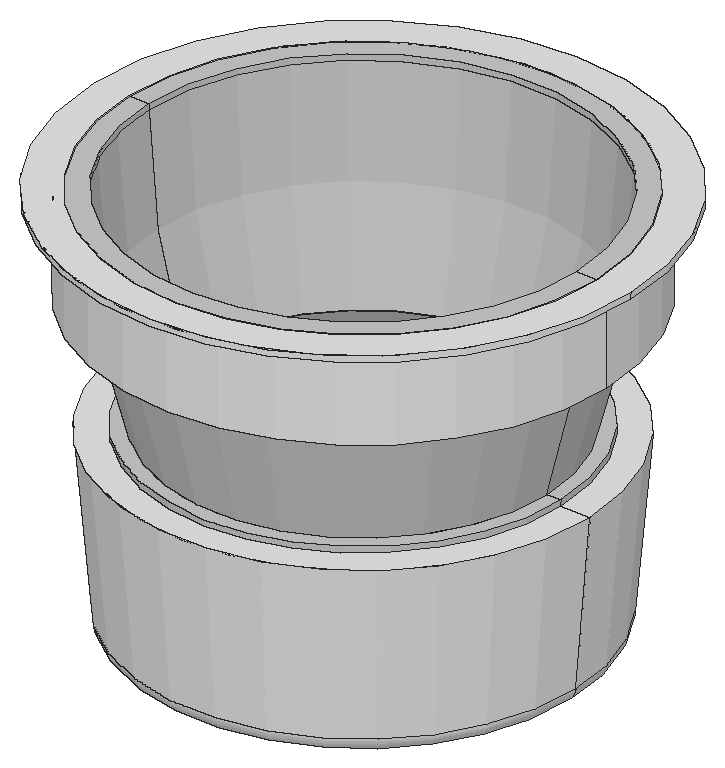
Revit family "2059369 Lighting Fixture_Sylvania_Ascent 150 II Round_Ceiling Recessed", category Lighting Fixtures, host Face, Revit 2017
Family settings
  Host = Face
  Round Connector Dimension = Use Diameter
  Part Type = Normal
  OmniClass Number = 23.80.70.11.17
  OmniClass Title = Specialized Lighting by Location or Use
  Cut with Voids When Loaded = No
  Light Source = Yes
  Shared = No
  Room Calculation Point = No
Parameters (values of type "ASCENT 150 II 3400 4K DALI")
  Upper Body Radius = Radius - 14.5 mm  # 80.0 mm
  Upper Body Material = Metal_Sylvania_Ascent 150 II_Black
  Ring Outer Diameter = Diameter - 17.0 mm  # 172.0 mm
  Ring Inner Diameter = Ring Outer Diameter - 4.0 mm  # 168.0 mm
  Reflector Material = Metal_Sylvania_Ascent 150 II_Polished
  Recessed Depth = 142.0 mm
  Radius = Diameter / 2  # 94.5 mm
  Light Emit  Diameter = Diameter - 38.0 mm  # 151.0 mm
  LOR = "100%"  # constant formula
  Inrush Current (max. quantity per 16A C breaker) = "80"  # constant formula
  Inner Reflector Radius = Inner Radius - 19.5 mm  # 63.0 mm
  Inner Radius = Inner Diameter / 2  # 82.5 mm
  Inner Diameter = Diameter - 24.0 mm  # 165.0 mm
  IP Rating = "IP44"  # constant formula
  IK Rating = "IK02"  # constant formula
  Glow Wire Test = 650 °C  # constant formula
  Energy Class = "A++,A+,A"  # constant formula
  Weight = 1.7 kg
  Wattage = 27.9268 W
  built-in parameter 1150110 = 1 (stored number, unit not read)
  Voltage Comments = "UNV (Universal Voltage; 220-240 Volt)"  # constant formula
  Voltage = 230 V  # constant formula
  URL = "https://www.sylvania-lighting.com"
  built-in parameter 1114217 = 1 (stored number, unit not read)
  Tilt Angle = -90°
  built-in parameter 1150109 = 1 (stored number, unit not read)
  built-in parameter 1150134 = 12
  built-in parameter 1150113 = 1 (stored number, unit not read)
  Product Page URL = "https://www.sylvania-lighting.com/product/en-int/products/2059369"
  Product Family = "ASCENT 150 II ROUND"  # constant formula
  Photometry Comments = ""
  Photometric Web File = "2059369_ASCENT150II34004KDALI-206512.ies"
  Life = "50 000 h"  # constant formula
  Emit from Circle Diameter = Light Emit  Diameter  # 151.0 mm
  Emit Shape Visible in Rendering = no
  Emergency duration (h) = "N/A"
  Electrical Protection = "Class II"  # constant formula
  Drive Current = "1000mA"  # constant formula
  Distribution type = "Direct"  # constant formula
  Diffuser Material = Glass_Sylvania_Ascent 150 II_Clear_4000K
  Diameter = 189.0 mm
  Cutout Diameter = Diameter - 13.0 mm  # 176.0 mm
  Colour consistency (SDCM) = "3 step"  # constant formula
  built-in parameter 1114216 [instance] = 1 (stored number, unit not read)
  Model = "ASCENT 150 II 3400 4K DALI"
  Manufacturer = "Feilo Sylvania"
  built-in parameter 1150105 = 2103.2 (stored number, unit not read)
  Lumens = 3435 lm
  built-in parameter 1150115 = 1 (stored number, unit not read)
  built-in parameter 1150137 = (empty or 0)
  built-in parameter 1150139 = (empty or 0)
  built-in parameter 1150112 = 1 (stored number, unit not read)
  built-in parameter 1150114 = 1 (stored number, unit not read)
  Lamp Comments = "Integrated LED"  # constant formula
  Lamp = "LED"  # constant formula
  built-in parameter 1150132 = 2
  built-in parameter 1150102 = (empty or 0)
  built-in parameter 1150107 = 4000 (stored number, unit not read)
  built-in parameter 1150138 = (empty or 0)
  built-in parameter 1150106 = 21.032 (stored number, unit not read)
  built-in parameter 1150104 = 11.427 (stored number, unit not read)
  Dimming Lamp Color Temperature Shift = <None>
  Description = "A very high efficient round downlight up to 127lm/W Long life >50,000hrs 4,000K and 3,000K CCT and CRI Ra85 IP44 rated for wet areas and bathrooms UGR <19 version for offices to comply with EN12464-1 Wide selection of decorative accessories"  # constant formula
  Default Elevation = 0.0 mm
  Color Filter = 16777215
  Catalog Number = "2059369 ASCENT 150 II 3400 4K DALI"
  built-in parameter 1140040 [instance] = 1
  CRI (Ra) = ">80"  # constant formula
  built-in parameter 1114218 = 1 (stored number, unit not read)
  built-in parameter 1150133 = 10 (stored number, unit not read)
  Assembly Code = "D5020200"
  Apparent Load Comments = ""
  Apparent Load = 28 VA
  Accessory Material = Aluminum_Sylvania_Ascent 150 II_White
Reference planes
  plane 1 "Center (Front/Back)": y = 0
  plane 2: z = 0
  plane 3 "Center (Left/Right)": x = 0
  plane 4: z = 2
  plane 5: z = -74
  plane 6 "Fixture Top": z = -140
  plane 7: z = -31
  plane 8: z = -72
  plane 9: z = -62.037
Forms (mm)
  Extrusion 1, solid, material "Aluminum_Sylvania_Ascent 150 II_White" <- "Accessory Material", detail levels fine
    sketch origin (0, 0, 0) x (1, 0, 0) y (0, 1, 0)
      loop
        circle (0, 0) r 94.5
      loop
        circle (0, 0) r 82.5
    from 0 to 2
  Extrusion 2, void
    sketch origin (0, 0, 0) x (1, 0, 0) y (0, 1, 0)
      loop
        circle (0, 0) r 88
    from -140 to 2
  Revolve 3, solid, material "Metal_Sylvania_Ascent 150 II_Polished" <- "Reflector Material", detail levels fine
    sketch origin (0, 0, 0) x (1, 0, 0) y (0, 0, 1)
      loop
        line (-82.5, 0) -> (-77.5, 0)
        arc (-77.5, 0) -> (-74.352, -36.539) -> (-65, -72) r 213.61
        line (-65, -72) -> (-70, -72) -> (-70, -74) -> (0, -74) -> (0, -72) -> (-63, -72)
        arc (-63, -72) -> (-72.352, -36.539) -> (-75.5, 0) r 213.61
        line (-75.5, 0) -> (-75.5, 2) -> (-82.5, 2) -> (-82.5, 0)
      axis (0, 2) -> (0, -74)
    angle from 0 to 360
  Extrusion 4, solid, material "Aluminum_Sylvania_Ascent 150 II_White" <- "Accessory Material", detail levels fine
    sketch origin (0, 0, 0) x (1, 0, 0) y (0, 1, 0)
      loop
        circle (0, 0) r 86
      loop
        circle (0, 0) r 84
    from -31 to 0
  Revolve 5, solid, material "Glass_Sylvania_Ascent 150 II_Clear_4000K" <- "Diffuser Material", detail levels fine
    sketch origin (0, 0, 0) x (1, 0, 0) y (0, 0, 1)
      loop
        line (-63, -72) -> (0, -72) -> (0, -62.037)
        arc (0, -62.037) -> (-31.891, -64.543) -> (-63, -72) r 204.163
      axis (0, -62.037) -> (0, -72)
    angle from 0 to 360
  Revolve 6, solid, material "Metal_Sylvania_Ascent 150 II_Black" <- "Upper Body Material", detail levels fine
    sketch origin (0, 0, 0) x (1, 0, 0) y (0, 0, 1)
      loop
        line (0, -74) -> (-80, -74) -> (-75.107, -129.929)
        arc (-75.107, -129.929) -> (-73.452, -133.536) -> (-69.924, -135.353) r 6.079
        arc (-69.924, -135.353) -> (-35.039, -138.837) -> (0, -140) r 528.435
        line (0, -140) -> (0, -74)
      axis (0, -74) -> (0, -140)
    angle from 0 to 360
  Revolve 7, solid, material "Aluminum_Sylvania_Ascent 150 II_White" <- "Accessory Material", detail levels coarse+medium
    sketch origin (0, 0, 0) x (1, 0, 0) y (0, 0, 1)
      loop
        arc (-69.924, -135.353) -> (-35.039, -138.837) -> (0, -140) r 528.435
        line (0, -140) -> (0, 2) -> (-94.5, 2) -> (-94.5, 0) -> (-86, 0) -> (-86, -31)
        arc (-86, -31) -> (-84.493, -52.708) -> (-80, -74) r 157.083
        line (-80, -74) -> (-75.107, -129.929)
        arc (-75.107, -129.929) -> (-73.452, -133.536) -> (-69.924, -135.353) r 6.079
      axis (0, 2) -> (0, -140)
    angle from 0 to 360
Cuts and joins
  joined: Extrusion 1, Extrusion 4
Lines and regions (mm)
  Masking region 1
    outline origin (0, 0, 0) x (1, 0, 0) y (0, 1, 0)
      loop
        circle (0, 0) r 94.5
  symbolic lines, detail levels fine
    curve 1: arc (-75.5, 0, 0) -> (0, 75.5, 0) -> (75.5, 0, 0) r 75.5
    curve 2: arc (75.5, 0, 0) -> (0, -75.5, 0) -> (-75.5, 0, 0) r 75.5
Dimensions and locks
  plane 4 to plane 2 to plane 7 to plane 9 to plane 8 to plane 5 = 2.0 mm locked, 31.0 mm locked, 31.037 mm locked, 9.963 mm locked, 2.0 mm locked
  "Inner Radius": plane 3 "Center (Left/Right)" to Revolve 3 sketch curve
  locked: Revolve 3 sketch curve to Revolve 3 sketch curve at 7
  Revolve 3 sketch curve to Revolve 3 sketch curve to Revolve 3 sketch curve to Revolve 3 sketch curve = 2.0 mm locked, 5.0 mm locked, 12.5 mm locked
  "Inner Reflector Radius": Revolve 5 sketch curve to imposter light
  Revolve 6 sketch curve to Revolve 6 sketch curve to plane 6 "Fixture Top" = 5.424 mm locked, 4.647 mm locked
  "Recessed Depth": plane 4 to plane 6 "Fixture Top"
  "Upper Body Radius": plane 3 "Center (Left/Right)" to Revolve 6 sketch curve
  Revolve 6 sketch curve to Revolve 6 sketch curve to Revolve 6 sketch curve = 4.893 mm locked, 5.183 mm locked
  Revolve 7 sketch curve to Revolve 7 sketch curve to plane 6 "Fixture Top" = 5.424 mm locked, 4.647 mm locked
  Revolve 7 sketch curve to Revolve 7 sketch curve to Revolve 7 sketch curve to Revolve 7 sketch curve to Revolve 7 sketch curve = 8.5 mm locked, 6.0 mm locked, 4.893 mm locked, 5.183 mm locked
  "Radius": plane 3 "Center (Left/Right)" to Revolve 7 sketch curve
  "Diameter": diameter of Extrusion 1 sketch curve
  "Inner Diameter": diameter of Extrusion 1 sketch curve
  "Cutout Diameter": diameter of Extrusion 2 sketch curve
  "Ring Outer Diameter": diameter of Extrusion 4 sketch curve
  "Ring Inner Diameter": diameter of Extrusion 4 sketch curve
  aligned and locked: plane 2 to host face
  aligned and locked: level to host face
  aligned and locked: imposter light to plane 3 "Center (Left/Right)"
  aligned and locked: imposter light to plane 1 "Center (Front/Back)"
  aligned and locked: Extrusion 1 to plane 2
  aligned and locked: plane 4 to Extrusion 1
  aligned and locked: imposter light to plane 4
  aligned and locked: imposter light to Revolve 3 sketch curve
  aligned and locked: Revolve 3 sketch curve to imposter light
  aligned and locked: Revolve 3 sketch curve to plane 2
  aligned and locked: Revolve 3 sketch curve to Revolve 3 sketch curve
  aligned and locked: plane 5 to Revolve 3 sketch curve
  aligned and locked: Extrusion 4 to plane 7
  aligned and locked: Revolve 3 sketch curve to plane 8
  aligned and locked: Revolve 5 sketch curve to plane 8
  aligned and locked: imposter light to Revolve 5 sketch curve  (x2)
  aligned and locked: imposter light to Revolve 6 sketch curve  (x2)
  aligned and locked: plane 5 to Revolve 6 sketch curve
  aligned and locked: plane 6 "Fixture Top" to Revolve 6 sketch curve
  aligned and locked: Revolve 7 sketch curve to plane 2
  aligned and locked: plane 4 to Revolve 7 sketch curve
  aligned and locked: plane 7 to Revolve 7 sketch curve
  aligned and locked: imposter light to Extrusion 2
  aligned and locked: Extrusion 2 to plane 6 "Fixture Top"
  aligned and locked: Masking region 1 sketch curve to Revolve 7  (x2)
  aligned and locked: curve 1 to Revolve 3
  aligned and locked: curve 2 to Revolve 3
Automatic sketch dimensions
  host sketch curve to host sketch curve = 1040.406 mm
  host sketch curve to host sketch curve = 988.385 mm
  Extrusion 1 sketch curve to Extrusion 1 sketch curve = 0.0 mm  (x2)
  plane 1 "Center (Front/Back)" to Extrusion 1 sketch curve = 0.0 mm
  Extrusion 1 sketch curve to plane 3 "Center (Left/Right)" = 0.0 mm
  plane 1 "Center (Front/Back)" to Extrusion 2 sketch curve = 0.0 mm
  Extrusion 2 sketch curve to plane 3 "Center (Left/Right)" = 0.0 mm
  Revolve 3 sketch curve to plane 3 "Center (Left/Right)" = 0.0 mm
  Revolve 3 sketch curve to level = 0.0 mm
  Revolve 3 sketch curve to Revolve 3 sketch curve = 2.0 mm
  Revolve 3 sketch curve to plane 5 = 27.065 mm
  plane 4 to Revolve 3 sketch curve = 16.525 mm
  Extrusion 4 sketch curve to Extrusion 4 sketch curve = 0.0 mm  (x2)
  plane 1 "Center (Front/Back)" to Extrusion 4 sketch curve = 0.0 mm
  Extrusion 4 sketch curve to plane 3 "Center (Left/Right)" = 0.0 mm
  Revolve 5 sketch curve to plane 9 = 0.0 mm
  Revolve 5 sketch curve to plane 5 = 17.158 mm
  Revolve 5 sketch curve to plane 7 = 15.158 mm
  Revolve 6 sketch curve to plane 7 = 0.0 mm
  Revolve 6 sketch curve to Revolve 6 sketch curve = 6.05 mm
  Revolve 6 sketch curve to plane 6 "Fixture Top" = 26.0 mm
  Revolve 7 sketch curve to plane 3 "Center (Left/Right)" = 0.0 mm  (x2)
  Revolve 7 sketch curve to plane 6 "Fixture Top" = 0.0 mm
  Revolve 7 sketch curve to plane 5 = 0.0 mm
  Revolve 7 sketch curve to plane 7 = 0.0 mm
  Revolve 7 sketch curve to Revolve 7 sketch curve = 0.866 mm
  Revolve 7 sketch curve to Revolve 7 sketch curve = 26.0 mm
Connectors
  electrical at (0, 0, -140), driven by "Apparent Load", driven by "Voltage"
    settings: index 1, voltage 230 V, apparent load 0 VA, apparent load phase1 28 VA, apparent load phase2 0 VA, apparent load phase3 0 VA, power factor 1, load classification "Lighting", number of poles 1, system type 31, power factor state 1, is connector primary yes, connector utility no, sub classification motor no, connector description ""
